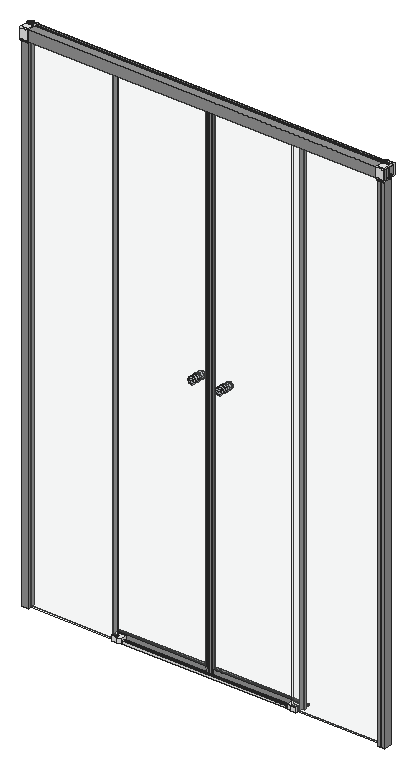
Revit family "Sanitary_Shower-screens_Duscholux_DuschoGravity_Slider-twin-doors-shower", category Plumbing Fixtures, Revit 2016
Family settings
  Part Type = Normal
  Round Connector Dimension = Use Diameter
  OmniClass Number = 23.45.00.00
  OmniClass Title = Sanitary, Laundry, and Cleaning Equipment
  Work Plane-Based = No
  Always vertical = Yes
  Cut with Voids When Loaded = No
  Shared = No
  Room Calculation Point = No
Parameters (values of type "Platinum Aluminium Finish")
  Width = 1400 mm
  Uniclass 2015 Description = "Shower Enclosures"
  Uniclass 2015 Code = "PR-40-20-06-79"
  URL = "http://www.duscholux.es/"
  UNSPSC Code = "30181507"
  Thickness Safety Glass Sliding = 5 mm  # constant formula
  Thickness Safety Glass Fixed Panel = 8 mm  # constant formula
  Technical Inspection Certificate (Applus) = "http://www.duscholux.es/resources/custom/var/APPLUS_en.pdf"
  Sliding Door Width = (Min Max Width / 4) + 5.6 mm  # 355.6 mm
  Series = "DuschoGravity"
  Region South America = "Consult"
  Region Oceania = "Consult"
  Region North America = "Consult"
  Region Middle East = "Consult"
  Region Europe = "AD, ES, FR, PT"
  Region Asia = "Consult"
  Region Antartica = "Consult"
  Region Africa = "Consult"
  Ref. = "KAB"
  Products = "http://www.duscholux.es/mamparas_filtro.aspx?es"
  Product group = "Front for shower"
  Product family = "Duscho Gravity"
  Optional = "Towel rail / Shelf"
  Opening System Image = "http://blob.duscholux.es/pluma512/FD2f2pcorredera.gif"
  Opening System = "Sliding"
  Opening Percentage = 0
  Opening Door = ((Min Max Width / 4) - 110 mm) * Opening Percentage / 100  # 0 mm
  Net Weight (Kg) = 63
  NBS Reference Description = "Shower Enclosures"
  NBS Reference Code = "45-35-70"
  Model = ""
  Min Max Width = if(Width < 1160 mm, 1160 mm, if(Width > 2000 mm, 2000 mm, Width))  # 1400 mm
  Max Height = if(Height > 2000 mm, 2000 mm, Height)  # 2000 mm
  Manufacturer name = "Duscholux Ibérica, S.A."
  Manufacturer country = "Spain / Germany"
  Maintenance and Cleaning = "http://www.duscholux.es/mamparas_limpieza.aspx?en"
  Image = "http://www.duscholux.es/resources/custom/img/mamparas/DUSCHO%20GRAVITY/modelos/2F2PFDC/mampara_h.jpg"
  IFC Classification = "Furnishing Element"
  Height = 2000 mm
  Handle Material = Chrome_Finish
  Handle Height = Max Height / 2  # 1000 mm
  Glass in Building UNE EN 12150 = "CE Conformity marking"
  Glass Material = Glass_Material-Duscholux
  Frame Material = Platinum Aluminium Finish
  Fact sheet = "http://blob.duscholux.es/enpdf2018/Gravity2F2PFD.pdf"
  Manufacturer = "Duscholux Ibérica, S.A."
  Environmental Management ISO 14001 = "ECOEMBES Certificate"
  Edition number = "1"
  Design country = "Germany"
  Description = "2 fixed segments + slider twin doors"
  Date of publishing = ""
  Assembly Code = "C1030200"
  Configuration enclosure = "http://configuratumampara.duscholux.es/eCatalogo.aspx"
  Components = "Eropean components"
  Type Comments = ""
  Combinations = "Lateral 90°"
  Certified Quality UNE EN 14428 = "http://www.duscholux.es/duscholux_downloads.aspx?es"
  COBIe Type Category = ""
  Brand = "Duscholux"
  Anti-Lime Treatment = "FeelNet 3D Included"
  Accesories Material = Chrome_Finish
Types (4, lengths in mm): name | Max Height | Height | Handle Material | Handle Height | Frame Material | Accesories Material
  (no name) | 2000 | 2000 | Chrome_Finish | 1000 | Platinum Aluminium Finish | Chrome_Finish
  Platinum Aluminium Finish | 2000 | 2000 | Chrome_Finish | 1000 | Platinum Aluminium Finish | Chrome_Finish
  White Aluminium Finish | 2000 | 2000 | White Finish | 1000 | White Finish | White Aluminium Finish
  Silver Matt Aluminium Finish | 1600 | 1600 | Chrome_Finish | 800 | Silver Matt Aluminium Finish | Chrome_Finish
Reference planes
  plane 1 "Centro (Frontal/Posterior)": y = 0
  plane 2: z = 0
  plane 3 "Centro (Izquierda/Derecha)": x = 0
  plane 4: y = 4
  plane 5: y = -4
  plane 6: z = 1959.85
  plane 7: z = 2000
  plane 8: x = 350
  plane 9: x = 9
  plane 10: z = 1985
  plane 11: y = 23.487
  plane 12: z = 1000
  plane 13: x = 364
  plane 14: x = 336
  plane 15: x = 700
  plane 16: x = 1400
  plane 17: x = 1050
  plane 18: x = 1064
  plane 19: x = 1036
  plane 20: y = 23.487
  plane 21: x = 708.4
  plane 22: x = 691.6
  plane 23: x = 489
Forms (mm)
  Extrusion 1, solid, material "Platinum Aluminium Finish" <- "Frame Material"
    sketch origin (0, 0, 0) x (1, 0, 0) y (0, 1, 0)
      loop
        line (0, -10.5) -> (26.5, -10.5) -> (26.5, -4.3) -> (15.85, -4.3) -> (15.85, -9) -> (1.5, -9) -> (1.5, 0) -> (1.5, 13.2) -> (15.85, 13.2) -> (15.85, 4.3) -> (26.5, 4.3) -> (26.5, 14.7) -> (0, 14.7) -> (0, -10.5)
    from 0 to 1959.85
  Extrusion 2, solid, material "Platinum Aluminium Finish" <- "Frame Material"
    sketch origin (0, 0, 0) x (0, 1, 0) y (0, 0, 1)
      loop
        arc (33.069, 1997) -> (32.191, 1999.121) -> (30.069, 2000) r 3
        line (30.069, 2000) -> (21.519, 2000) -> (21.519, 1997.261) -> (12.519, 1997.261) -> (12.519, 2000) -> (-16, 2000) -> (-16, 1959.85) -> (-6.5, 1959.85) -> (-6.5, 1994) -> (0, 1994) -> (6.5, 1994) -> (6.5, 1959.85) -> (18.5, 1959.85) -> (18.5, 1963.85) -> (9.5, 1963.85) -> (9.5, 1995.261) -> (23.519, 1995.261) -> (23.519, 1998.011) -> (31.069, 1998.011) -> (31.069, 1961.861) -> (29.669, 1961.861) -> (29.669, 1959.861) -> (33.069, 1959.861) -> (33.069, 1997)
      loop
        line (-13, 1991.05) -> (-13, 1963.879) -> (-9.5, 1963.879) -> (-9.5, 1991.05) -> (-13, 1991.05)
    from 0 to 1400
  Extrusion 3, solid, material "Glass_Material-Duscholux" <- "Glass Material"
    sketch origin (0, 0, 0) x (1, 0, 0) y (0, 1, 0)
      loop
        line (9, 4) -> (9, -4) -> (364, -4) -> (364, 4) -> (9, 4)
    from 2 to 1985
  Extrusion 4, solid, material "Chrome_Finish" <- "Accesories Material"
    sketch origin (-44.392, 49.436, 0) x (1, 0, 0) y (0, 1, 0)
      loop
        line (388.392, -57.436) -> (410.392, -57.436) -> (423.392, -53.436) -> (423.392, -18.436) -> (388.392, -18.436) -> (388.392, -57.436)
    from 0 to 18
  Extrusion 5, void
    sketch origin (0, 0, 0) x (1, 0, 0) y (0, 1, 0)
      loop
        line (344, 4) -> (344, -4) -> (364, -4) -> (364, 4) -> (344, 4)
    from 2 to 18
  Extrusion 6, void
    sketch origin (0, 0, 0) x (1, 0, 0) y (0, 1, 0)
      loop
        line (344, 27.487) -> (344, 19.487) -> (379, 19.487) -> (379, 27.487) -> (344, 27.487)
    from 2 to 18
  Extrusion 7, solid, material "Glass_Material-Duscholux" <- "Glass Material"
    sketch origin (41.512, 0, 0) x (1, 0, 0) y (0, 1, 0)
      loop
        line (650.088, 25.987) -> (294.488, 25.987) -> (294.488, 20.987) -> (650.088, 20.987) -> (650.088, 25.987)
    from 3.238 to 1985
  Extrusion 8, solid, material "Chrome_Finish" <- "Accesories Material"
    sketch origin (0, 0, 0) x (0, 1, 0) y (0, 0, 1)
      loop
        line (12.519, 2005.435) -> (12.519, 2002.011) -> (-15, 2002.011)
        arc (-15, 2002.011) -> (-17.121, 2001.132) -> (-18, 1999.011) r 3
        line (-18, 1999.011) -> (-18, 1960.85)
        arc (-18, 1960.85) -> (-16.86, 1958.466) -> (-14.288, 1957.857) r 3.062
        line (-14.288, 1957.857) -> (-14.288, 1953.858) -> (-10.5, 1953.858) -> (-10.5, 1959.85) -> (-16, 1959.85) -> (-16, 2000) -> (30.069, 2000)
        arc (30.069, 2000) -> (32.191, 1999.121) -> (33.069, 1997) r 3
        line (33.069, 1997) -> (33.069, 1959.85) -> (14.7, 1959.85) -> (14.7, 1953.858) -> (18.488, 1953.858) -> (18.488, 1957.85) -> (32.069, 1957.85)
        arc (32.069, 1957.85) -> (34.191, 1958.729) -> (35.069, 1960.85) r 3
        line (35.069, 1960.85) -> (35.069, 1997.011)
        arc (35.069, 1997.011) -> (33.605, 2000.546) -> (30.069, 2002.011) r 5
        line (30.069, 2002.011) -> (21.49, 2002.011)
        arc (21.49, 2002.011) -> (20.786, 2004.401) -> (18.52, 2005.435) r 3
        line (18.52, 2005.435) -> (12.519, 2005.435)
    from 0 to 28
  Extrusion 9, solid, material "Plástico, transparente", detail levels fine
    sketch origin (0, 0, 0) x (0, 1, 0) y (0, 0, 1)
      loop
        line (19.487, 2) -> (27.487, 2) -> (27.487, 16.402) -> (48.009, 6.392) -> (48.009, 2.694)
        arc (48.009, 2.694) -> (48.748, 2.277) -> (49.487, 2.694) r 0.863
        line (49.487, 2.694) -> (49.487, 8.123) -> (26.761, 19.208)
        arc (26.761, 19.208) -> (26.201, 19.157) -> (25.987, 18.638) r 0.542
        line (25.987, 18.638) -> (26.237, 17.705) -> (26.237, 3.238) -> (20.737, 3.238) -> (20.737, 19.324) -> (19.487, 19.324) -> (19.487, 2)
    from 341 to 691.6
  Extrusion 10, void
    sketch origin (0, 0, 0) x (0, 1, 0) y (0, 0, 1)
      loop
        line (31, 14.688) -> (31, 18) -> (27.487, 18) -> (27.487, 16.402) -> (31, 14.688)
    from 344 to 379
  Extrusion 11, solid, material "Chrome_Finish" <- "Accesories Material"
    sketch origin (0, -88.4, 0) x (0, 1, 0) y (0, 0, 1)
      loop
        line (86, 0) -> (96, 0) -> (96, 7.55)
        arc (96, 7.55) -> (95.282, 9.282) -> (93.55, 10) r 2.45
        line (93.55, 10) -> (91, 10) -> (88.45, 10)
        arc (88.45, 10) -> (86.718, 9.282) -> (86, 7.55) r 2.45
        line (86, 7.55) -> (86, 0)
    from 379 to 1021
  Extrusion 12, solid, material "Plástico, transparente", detail levels fine
    sketch origin (-2.798, 0, 0) x (1, 0, 0) y (0, 1, 0)
      loop
        line (343.798, 26.237) -> (343.798, 27.487) -> (337.498, 27.487) -> (337.498, 19.487) -> (342.798, 19.487) -> (342.798, 5.757) -> (343.798, 5.757) -> (343.798, 20.757) -> (338.798, 20.757) -> (338.798, 26.237) -> (343.798, 26.237)
    from 2 to 1985
  Extrusion 13, solid, not visible
    sketch origin (62.199, -0.034, 0) x (1, 0, 0) y (0, 1, 0)
      loop
        line (752.972, 27.547) -> (749, 27.019)
        arc (749, 27.019) -> (748.57, 26.458) -> (749.132, 26.028) r 0.5
        line (749.132, 26.028) -> (753.6, 26.622) -> (753.6, 23.522) -> (753.6, 20.422) -> (749.132, 21.016)
        arc (749.132, 21.016) -> (748.57, 20.586) -> (749, 20.025) r 0.5
        line (749, 20.025) -> (752.972, 19.497)
        arc (752.972, 19.497) -> (756.439, 17.322) -> (760.531, 17.291) r 7.498
        arc (760.531, 17.291) -> (761.591, 18.007) -> (762, 19.219) r 2
        line (762, 19.219) -> (762, 23.522) -> (762, 27.825)
        arc (762, 27.825) -> (761.591, 29.037) -> (760.531, 29.753) r 2
        arc (760.531, 29.753) -> (756.439, 29.722) -> (752.972, 27.547) r 7.498
    from 0 to 1876.165
  Extrusion 14, solid, material "Platinum Aluminium Finish" <- "Frame Material"
    sketch origin (2800, 0, 0) x (-1, 0, 0) y (0, -1, 0)
      loop
        line (1400, 10.5) -> (1400, -14.7) -> (1426.5, -14.7) -> (1426.5, -4.3) -> (1415.85, -4.3) -> (1415.85, -13.2) -> (1401.5, -13.2) -> (1401.5, 0) -> (1401.5, 9) -> (1415.85, 9) -> (1415.85, 4.3) -> (1426.5, 4.3) -> (1426.5, 10.5) -> (1400, 10.5)
    from 0 to 1953.858
  Extrusion 15, solid, material "Chrome_Finish" <- "Accesories Material"
    sketch origin (2000, 0, 0) x (0, 1, 0) y (0, 0, -1)
      loop
        line (12.519, -2005.435) -> (18.52, -2005.435)
        arc (18.52, -2005.435) -> (20.786, -2004.401) -> (21.49, -2002.011) r 3
        line (21.49, -2002.011) -> (30.069, -2002.011)
        arc (30.069, -2002.011) -> (33.605, -2000.546) -> (35.069, -1997.011) r 5
        line (35.069, -1997.011) -> (35.069, -1960.85)
        arc (35.069, -1960.85) -> (34.191, -1958.729) -> (32.069, -1957.85) r 3
        line (32.069, -1957.85) -> (18.488, -1957.85) -> (18.488, -1953.858) -> (14.7, -1953.858) -> (14.7, -1959.85) -> (33.069, -1959.85) -> (33.069, -1997)
        arc (33.069, -1997) -> (32.191, -1999.121) -> (30.069, -2000) r 3
        line (30.069, -2000) -> (-16, -2000) -> (-16, -1959.85) -> (-10.5, -1959.85) -> (-10.5, -1953.858) -> (-14.288, -1953.858) -> (-14.288, -1957.857)
        arc (-14.288, -1957.857) -> (-16.86, -1958.466) -> (-18, -1960.85) r 3.062
        line (-18, -1960.85) -> (-18, -1999.011)
        arc (-18, -1999.011) -> (-17.121, -2001.132) -> (-15, -2002.011) r 3
        line (-15, -2002.011) -> (12.519, -2002.011) -> (12.519, -2005.435)
    from 600 to 628
  Extrusion 16, solid, material "Glass_Material-Duscholux" <- "Glass Material"
    sketch origin (2800, 0, 0) x (-1, 0, 0) y (0, -1, 0)
      loop
        line (1409, -4) -> (1764, -4) -> (1764, 4) -> (1409, 4) -> (1409, -4)
    from 2 to 1985
  Extrusion 17, solid, material "Chrome_Finish" <- "Accesories Material"
    sketch origin (2844.392, 49.436, 0) x (-1, 0, 0) y (0, -1, 0)
      loop
        line (1788.392, 57.436) -> (1788.392, 18.436) -> (1823.392, 18.436) -> (1823.392, 53.436) -> (1810.392, 57.436) -> (1788.392, 57.436)
    from 0 to 18
  Extrusion 18, void
    sketch origin (2800, 0, 0) x (-1, 0, 0) y (0, -1, 0)
      loop
        line (1744, -4) -> (1764, -4) -> (1764, 4) -> (1744, 4) -> (1744, -4)
    from 2 to 18
  Extrusion 19, void
    sketch origin (2800, 0, 0) x (-1, 0, 0) y (0, -1, 0)
      loop
        line (1744, -27.487) -> (1779, -27.487) -> (1779, -19.487) -> (1744, -19.487) -> (1744, -27.487)
    from 2 to 18
  Extrusion 20, void
    sketch origin (2800, 0, 0) x (0, 1, 0) y (0, 0, -1)
      loop
        line (31, -14.688) -> (27.487, -16.402) -> (27.487, -18) -> (31, -18) -> (31, -14.688)
    from 694 to 1779
  Extrusion 21, solid, material "Plástico, transparente", detail levels fine
    sketch origin (2802.798, 0, 0) x (-1, 0, 0) y (0, -1, 0)
      loop
        line (1743.798, -26.237) -> (1738.798, -26.237) -> (1738.798, -20.757) -> (1743.798, -20.757) -> (1743.798, -5.757) -> (1742.798, -5.757) -> (1742.798, -19.487) -> (1737.498, -19.487) -> (1737.498, -27.487) -> (1743.798, -27.487) -> (1743.798, -26.237)
    from 2 to 1985
  Extrusion 22, solid, material "Glass_Material-Duscholux" <- "Glass Material"
    sketch origin (2717.039, 0, 0) x (-1, 0, 0) y (0, -1, 0)
      loop
        line (2008.639, -25.987) -> (2008.639, -20.987) -> (1653.039, -20.987) -> (1653.039, -25.987) -> (2008.639, -25.987)
    from 3.238 to 1985
  Extrusion 23, solid, material "Plástico, transparente", detail levels fine
    sketch origin (2800, 0, 0) x (0, 1, 0) y (0, 0, -1)
      loop
        line (19.487, -2) -> (19.487, -19.324) -> (20.737, -19.324) -> (20.737, -3.238) -> (26.237, -3.238) -> (26.237, -17.705) -> (25.987, -18.638)
        arc (25.987, -18.638) -> (26.201, -19.157) -> (26.761, -19.208) r 0.542
        line (26.761, -19.208) -> (49.487, -8.123) -> (49.487, -2.694)
        arc (49.487, -2.694) -> (48.748, -2.277) -> (48.009, -2.694) r 0.863
        line (48.009, -2.694) -> (48.009, -6.392) -> (27.487, -16.402) -> (27.487, -2) -> (19.487, -2)
    from 1741 to 2091.6
  Extrusion 24, solid, not visible
    sketch origin (-972.436, 0, 0) x (1, 0, 0) y (0, 1, 0)
      loop
        arc (1881.464, 27.512) -> (1877.997, 29.688) -> (1873.905, 29.719) r 7.498
        arc (1873.905, 29.719) -> (1872.845, 29.002) -> (1872.436, 27.79) r 2
        line (1872.436, 27.79) -> (1872.436, 23.487) -> (1872.436, 19.184)
        arc (1872.436, 19.184) -> (1872.845, 17.972) -> (1873.905, 17.256) r 2
        arc (1873.905, 17.256) -> (1877.997, 17.287) -> (1881.464, 19.462) r 7.498
        line (1881.464, 19.462) -> (1885.436, 19.99)
        arc (1885.436, 19.99) -> (1885.866, 20.552) -> (1885.304, 20.981) r 0.5
        line (1885.304, 20.981) -> (1880.836, 20.388) -> (1880.836, 23.487) -> (1880.836, 26.587) -> (1885.304, 25.993)
        arc (1885.304, 25.993) -> (1885.866, 26.423) -> (1885.436, 26.985) r 0.5
        line (1885.436, 26.985) -> (1881.464, 27.512)
    from 0 to 1985
  Extrusion 25, solid, not visible
    sketch origin (13.1, 0, -200) x (1, 0, 0) y (0, 1, 0)
      loop
        arc (767.428, 27.512) -> (763.961, 29.688) -> (759.869, 29.719) r 7.498
        arc (759.869, 29.719) -> (758.809, 29.002) -> (758.4, 27.79) r 2
        line (758.4, 27.79) -> (758.4, 19.184)
        arc (758.4, 19.184) -> (758.809, 17.972) -> (759.869, 17.256) r 2
        arc (759.869, 17.256) -> (763.961, 17.287) -> (767.428, 19.462) r 7.498
        line (767.428, 19.462) -> (771.4, 19.99)
        arc (771.4, 19.99) -> (771.83, 20.552) -> (771.268, 20.981) r 0.5
        line (771.268, 20.981) -> (766.8, 20.388) -> (766.8, 23.487) -> (766.8, 26.587) -> (771.268, 25.993)
        arc (771.268, 25.993) -> (771.83, 26.423) -> (771.4, 26.985) r 0.5
        line (771.4, 26.985) -> (767.428, 27.512)
    from 0 to 1785
  Extrusion 26, solid, material "Platinum Aluminium Finish" <- "Frame Material", not visible
    sketch origin (1965, 0.035, 0) x (-1, 0, 0) y (0, -1, 0)
      loop
        line (1224.028, -27.478) -> (1228, -26.95)
        arc (1228, -26.95) -> (1228.43, -26.388) -> (1227.868, -25.959) r 0.5
        line (1227.868, -25.959) -> (1223.4, -26.552) -> (1223.4, -23.453) -> (1223.4, -20.353) -> (1227.868, -20.947)
        arc (1227.868, -20.947) -> (1228.43, -20.517) -> (1228, -19.956) r 0.5
        line (1228, -19.956) -> (1224.028, -19.428)
        arc (1224.028, -19.428) -> (1220.561, -17.253) -> (1216.469, -17.222) r 7.498
        arc (1216.469, -17.222) -> (1215.409, -17.938) -> (1215, -19.15) r 2
        line (1215, -19.15) -> (1215, -23.452) -> (1215, -27.756)
        arc (1215, -27.756) -> (1215.409, -28.968) -> (1216.469, -29.684) r 2
        arc (1216.469, -29.684) -> (1220.561, -29.653) -> (1224.028, -27.478) r 7.498
    from 0 to 1985
  Extrusion 27, solid, material "Platinum Aluminium Finish" <- "Frame Material"
    sketch origin (1500, 0, 0) x (0, 1, 0) y (0, 0, -1)
      loop
        line (33.069, -1997) -> (33.069, -1959.861) -> (29.669, -1959.861) -> (29.669, -1961.861) -> (31.069, -1961.861) -> (31.069, -1998.011) -> (23.519, -1998.011) -> (23.519, -1995.261) -> (9.5, -1995.261) -> (9.5, -1963.85) -> (18.5, -1963.85) -> (18.5, -1959.85) -> (6.5, -1959.85) -> (6.5, -1994) -> (0, -1994) -> (-6.5, -1994) -> (-6.5, -1959.85) -> (-16, -1959.85) -> (-16, -2000) -> (12.519, -2000) -> (12.519, -1997.261) -> (21.519, -1997.261) -> (21.519, -2000) -> (30.069, -2000)
        arc (30.069, -2000) -> (32.191, -1999.121) -> (33.069, -1997) r 3
      loop
        line (-13, -1991.05) -> (-9.5, -1991.05) -> (-9.5, -1963.879) -> (-13, -1963.879) -> (-13, -1991.05)
    from 100 to 1500
  Extrusion 28, solid, not visible
    sketch origin (-21.455, 62.453, 0) x (1, 0, 0) y (0, 1, 0)
      loop
        arc (780.483, -34.94) -> (777.016, -32.765) -> (772.924, -32.734) r 7.498
        arc (772.924, -32.734) -> (771.864, -33.45) -> (771.455, -34.662) r 2
        line (771.455, -34.662) -> (771.455, -38.966) -> (771.455, -43.268)
        arc (771.455, -43.268) -> (771.864, -44.48) -> (772.924, -45.197) r 2
        arc (772.924, -45.197) -> (777.016, -45.166) -> (780.483, -42.99) r 7.498
        line (780.483, -42.99) -> (784.455, -42.463)
        arc (784.455, -42.463) -> (784.885, -41.901) -> (784.323, -41.471) r 0.5
        line (784.323, -41.471) -> (779.855, -42.065) -> (779.855, -38.965) -> (779.855, -35.866) -> (784.323, -36.459)
        arc (784.323, -36.459) -> (784.885, -36.03) -> (784.455, -35.468) r 0.5
        line (784.455, -35.468) -> (780.483, -34.94)
    from 0 to 1785
  Extrusion 29, solid, not visible
    sketch origin (-58.088, 62.453, 0) x (1, 0, 0) y (0, 1, 0)
      loop
        line (749.177, -34.94) -> (745.205, -35.468)
        arc (745.205, -35.468) -> (744.775, -36.03) -> (745.337, -36.459) r 0.5
        line (745.337, -36.459) -> (749.805, -35.866) -> (749.805, -38.965) -> (749.805, -42.065) -> (745.337, -41.471)
        arc (745.337, -41.471) -> (744.775, -41.901) -> (745.205, -42.463) r 0.5
        line (745.205, -42.463) -> (749.177, -42.99)
        arc (749.177, -42.99) -> (752.644, -45.166) -> (756.736, -45.197) r 7.498
        arc (756.736, -45.197) -> (757.796, -44.48) -> (758.205, -43.268) r 2
        line (758.205, -43.268) -> (758.205, -38.966) -> (758.205, -34.662)
        arc (758.205, -34.662) -> (757.796, -33.45) -> (756.736, -32.734) r 2
        arc (756.736, -32.734) -> (752.644, -32.765) -> (749.177, -34.94) r 7.498
    from 0 to 1785
  Extrusion 30, solid, material "Platinum Aluminium Finish" <- "Frame Material"
    sketch origin (1548.077, 62.453, 0) x (-1, 0, 0) y (0, -1, 0)
      loop
        arc (839.049, 34.94) -> (842.515, 32.765) -> (846.608, 32.734) r 7.498
        arc (846.608, 32.734) -> (847.668, 33.45) -> (848.077, 34.662) r 2
        line (848.077, 34.662) -> (848.077, 38.966) -> (848.077, 43.268)
        arc (848.077, 43.268) -> (847.668, 44.48) -> (846.608, 45.197) r 2
        arc (846.608, 45.197) -> (842.515, 45.166) -> (839.049, 42.99) r 7.498
        line (839.049, 42.99) -> (835.077, 42.463)
        arc (835.077, 42.463) -> (834.647, 41.901) -> (835.208, 41.471) r 0.5
        line (835.208, 41.471) -> (839.677, 42.065) -> (839.677, 38.965) -> (839.677, 35.866) -> (835.208, 36.459)
        arc (835.208, 36.459) -> (834.647, 36.03) -> (835.077, 35.468) r 0.5
        line (835.077, 35.468) -> (839.049, 34.94)
    from 3.238 to 1985
  Extrusion 31, solid, not visible
    sketch origin (1538.336, 62.453, 0) x (-1, 0, 0) y (0, -1, 0)
      loop
        arc (764.308, 34.94) -> (767.775, 32.765) -> (771.867, 32.734) r 7.498
        arc (771.867, 32.734) -> (772.927, 33.45) -> (773.336, 34.662) r 2
        line (773.336, 34.662) -> (773.336, 38.966) -> (773.336, 43.268)
        arc (773.336, 43.268) -> (772.927, 44.48) -> (771.867, 45.197) r 2
        arc (771.867, 45.197) -> (767.775, 45.166) -> (764.308, 42.99) r 7.498
        line (764.308, 42.99) -> (760.336, 42.463)
        arc (760.336, 42.463) -> (759.906, 41.901) -> (760.468, 41.471) r 0.5
        line (760.468, 41.471) -> (764.936, 42.065) -> (764.936, 38.965) -> (764.936, 35.866) -> (760.468, 36.459)
        arc (760.468, 36.459) -> (759.906, 36.03) -> (760.336, 35.468) r 0.5
        line (760.336, 35.468) -> (764.308, 34.94)
    from 3.238 to 1785
  Extrusion 32, solid, material "Platinum Aluminium Finish" <- "Frame Material"
    sketch origin (-28.077, 62.453, 0) x (1, 0, 0) y (0, 1, 0)
      loop
        line (719.049, -34.94) -> (715.077, -35.468)
        arc (715.077, -35.468) -> (714.647, -36.03) -> (715.208, -36.459) r 0.5
        line (715.208, -36.459) -> (719.677, -35.866) -> (719.677, -38.965) -> (719.677, -42.065) -> (715.208, -41.471)
        arc (715.208, -41.471) -> (714.647, -41.901) -> (715.077, -42.463) r 0.5
        line (715.077, -42.463) -> (719.049, -42.99)
        arc (719.049, -42.99) -> (722.515, -45.166) -> (726.608, -45.197) r 7.498
        arc (726.608, -45.197) -> (727.668, -44.48) -> (728.077, -43.268) r 2
        line (728.077, -43.268) -> (728.077, -38.966) -> (728.077, -34.662)
        arc (728.077, -34.662) -> (727.668, -33.45) -> (726.608, -32.734) r 2
        arc (726.608, -32.734) -> (722.515, -32.765) -> (719.049, -34.94) r 7.498
    from 3.238 to 1985
  Extrusion 33, solid, not visible
    sketch origin (-28.077, 62.453, 0) x (1, 0, 0) y (0, 1, 0)
      loop
        line (732.049, -34.94) -> (728.077, -35.468)
        arc (728.077, -35.468) -> (727.647, -36.03) -> (728.208, -36.459) r 0.5
        line (728.208, -36.459) -> (732.677, -35.866) -> (732.677, -38.965) -> (732.677, -42.065) -> (728.208, -41.471)
        arc (728.208, -41.471) -> (727.647, -41.901) -> (728.077, -42.463) r 0.5
        line (728.077, -42.463) -> (732.049, -42.99)
        arc (732.049, -42.99) -> (735.515, -45.166) -> (739.608, -45.197) r 7.498
        arc (739.608, -45.197) -> (740.668, -44.48) -> (741.077, -43.268) r 2
        line (741.077, -43.268) -> (741.077, -38.966) -> (741.077, -34.662)
        arc (741.077, -34.662) -> (740.668, -33.45) -> (739.608, -32.734) r 2
        arc (739.608, -32.734) -> (735.515, -32.765) -> (732.049, -34.94) r 7.498
    from 3.238 to 1785
Cuts and joins
  Extrusion 5, Extrusion 18 cuts Extrusion 3
  Extrusion 5, Extrusion 6, Extrusion 10, Extrusion 18, Extrusion 19, Extrusion 20 cuts Extrusion 4
  Extrusion 18, Extrusion 19, Extrusion 20 cuts Extrusion 17
  Extrusion 19 cuts Extrusion 7
  Extrusion 19 cuts Extrusion 9
Dimensions and locks
  equal spacing: plane 4, plane 1 "Centro (Frontal/Posterior)", plane 5
  "Thickness Safety Glass Fixed Panel": plane 4 to plane 5
  locked: plane 7 to plane 6 at 40.15
  locked: plane 7 to plane 10 at 15
  locked: Extrusion 8 to plane 3 "Centro (Izquierda/Derecha)" at 28
  "Handle Height": plane 12 to level
  locked: plane 8 to plane 13 at 14
  locked: plane 8 to cut or joined group of Extrusion 4, Extrusion 5, Extrusion 6, Extrusion 10, Extrusion 18, Extrusion 19, Extrusion 20 at 29
  locked: cut or joined group of Extrusion 4, Extrusion 5, Extrusion 6, Extrusion 10, Extrusion 18, Extrusion 19, Extrusion 20 to plane 8 at 6
  locked: Extrusion 7 to Extrusion 9 at 5
  locked: Extrusion 12 to Extrusion 12 at 1.3
  locked: Extrusion 12 to Extrusion 12 at 1
  locked: Extrusion 12 to Extrusion 12 at 6.3
  equal spacing: plane 3 "Centro (Izquierda/Derecha)", plane 8, plane 15, plane 17, plane 16
  locked: Extrusion 21 to Extrusion 21 at 1.3
  locked: Extrusion 21 to Extrusion 21 at 1
  locked: Extrusion 21 to Extrusion 21 at 6.3
  locked: cut or joined group of Extrusion 17, Extrusion 18, Extrusion 19, Extrusion 20 to plane 17 at 29
  locked: plane 17 to cut or joined group of Extrusion 17, Extrusion 18, Extrusion 19, Extrusion 20 at 6
  locked: plane 14 to plane 8 at 14
  locked: plane 17 to plane 18 at 14
  locked: plane 19 to plane 17 at 14
  "Sliding Door Width": Extrusion 22 to Extrusion 22
  "Sliding Door Width": cut or joined group of Extrusion 7, Extrusion 19 to cut or joined group of Extrusion 7, Extrusion 19
  locked: Extrusion 15 to Extrusion 15 at 28
  locked: Extrusion 15 to plane 16 at 28
  locked: plane 15 to plane 21 at 8.4
  locked: plane 22 to plane 15 at 8.4
  "Opening Door": cut or joined group of Extrusion 7, Extrusion 19 to plane 22
  locked: nested 2 to cut or joined group of Extrusion 7, Extrusion 19 at 45
  locked: Extrusion 22 to nested 4 at 45
  "Opening Door": plane 21 to Extrusion 22
  "Thickness Safety Glass Sliding": Extrusion 22 to Extrusion 22
  "Thickness Safety Glass Sliding": cut or joined group of Extrusion 7, Extrusion 19 to cut or joined group of Extrusion 7, Extrusion 19
  "Max Height": plane 7 to plane 2
  "Min Max Width": plane 3 "Centro (Izquierda/Derecha)" to plane 16
  aligned and locked: level to plane 2
  aligned and locked: plane 7 to Extrusion 2
  aligned and locked: Extrusion 2 to plane 6
  aligned and locked: Extrusion 1 to Extrusion 2
  aligned and locked: Extrusion 3 sketch curve to plane 4
  aligned and locked: plane 9 to Extrusion 3 sketch curve
  aligned and locked: plane 5 to Extrusion 3 sketch curve
  aligned and locked: plane 10 to Extrusion 3
  aligned and locked: Extrusion 5 sketch curve to Extrusion 4
  aligned and locked: Extrusion 5 sketch curve to Extrusion 3
  aligned and locked: cut or joined group of Extrusion 4, Extrusion 5, Extrusion 6, Extrusion 10, Extrusion 18, Extrusion 19, Extrusion 20 to Extrusion 5
  aligned and locked: Extrusion 6 sketch curve to cut or joined group of Extrusion 4, Extrusion 5, Extrusion 6, Extrusion 10, Extrusion 18, Extrusion 19, Extrusion 20  (x2)
  aligned and locked: Extrusion 6 to cut or joined group of Extrusion 3, Extrusion 5, Extrusion 18
  aligned and locked: Extrusion 10 to cut or joined group of Extrusion 4, Extrusion 5, Extrusion 6, Extrusion 10, Extrusion 18, Extrusion 19, Extrusion 20
  aligned and locked: cut or joined group of Extrusion 4, Extrusion 5, Extrusion 6, Extrusion 10, Extrusion 18, Extrusion 19, Extrusion 20 to Extrusion 10
  aligned and locked: Extrusion 11 to cut or joined group of Extrusion 4, Extrusion 5, Extrusion 6, Extrusion 10, Extrusion 18, Extrusion 19, Extrusion 20
  aligned and locked: nested 1 to plane 12
  aligned and locked: plane 12 to nested 2
  aligned and locked: plane 13 to cut or joined group of Extrusion 3, Extrusion 5, Extrusion 18
  aligned and locked: Extrusion 9 to Extrusion 12
  aligned and locked: nested 1 to nested 2
  aligned and locked: Extrusion 9 to Extrusion 7
  aligned and locked: Extrusion 12 to Extrusion 12
  aligned and locked: Extrusion 12 to Extrusion 7  (x2)
  aligned and locked: plane 10 to Extrusion 7
  aligned and locked: Extrusion 17 to Extrusion 18 sketch curve
  aligned and locked: Extrusion 21 to Extrusion 21
  aligned and locked: nested 3 to nested 4
  aligned and locked: Extrusion 11 to cut or joined group of Extrusion 17, Extrusion 18, Extrusion 19, Extrusion 20
  aligned and locked: Extrusion 2 to plane 16
  aligned and locked: Extrusion 23 to Extrusion 22
  aligned and locked: Extrusion 21 to Extrusion 22  (x2)
  aligned and locked: Extrusion 23 to Extrusion 21
  aligned and locked: Extrusion 15 to plane 16
  aligned and locked: plane 10 to Extrusion 16
  aligned and locked: Extrusion 14 to Extrusion 15
  aligned and locked: plane 10 to Extrusion 22
  aligned and locked: Extrusion 20 to cut or joined group of Extrusion 17, Extrusion 18, Extrusion 19, Extrusion 20
  aligned and locked: plane 12 to nested 3
  aligned and locked: nested 4 to plane 12
  aligned and locked: Extrusion 30 to Extrusion 22  (x2)
  aligned and locked: Extrusion 30 to Extrusion 23
  aligned and locked: Extrusion 32 to cut or joined group of Extrusion 7, Extrusion 19
  aligned and locked: cut or joined group of Extrusion 7, Extrusion 19 to Extrusion 32
  aligned and locked: Extrusion 27 to plane 16
Automatic sketch dimensions
  Extrusion 13 sketch curve to Extrusion 13 sketch curve = 0 mm  (x2)
  Extrusion 13 sketch curve to Extrusion 13 sketch curve = 0.066 mm  (x4)
  Extrusion 13 sketch curve to Extrusion 13 sketch curve = 3.972 mm  (x2)
  Extrusion 13 sketch curve to Extrusion 13 sketch curve = 0.628 mm
  Extrusion 13 sketch curve to Extrusion 13 sketch curve = 4.94 mm
  Extrusion 13 sketch curve to Extrusion 13 sketch curve = 1.46 mm  (x2)
  Extrusion 13 sketch curve to Extrusion 13 sketch curve = 3.46 mm
  Extrusion 13 sketch curve to Extrusion 13 sketch curve = 0.496 mm  (x2)
  Extrusion 13 sketch curve to Extrusion 13 sketch curve = 0.925 mm  (x2)
  Extrusion 13 sketch curve to Extrusion 13 sketch curve = 3.305 mm  (x2)
  Extrusion 13 sketch curve to Extrusion 13 sketch curve = 3.1 mm  (x2)
  Extrusion 13 sketch curve to Extrusion 13 sketch curve = 3.027 mm
  Extrusion 13 sketch curve to Extrusion 13 sketch curve = 0.528 mm
  Extrusion 13 sketch curve to Extrusion 13 sketch curve = 0.997 mm
  Extrusion 13 sketch curve to Extrusion 13 sketch curve = 1.995 mm
  Extrusion 13 sketch curve to Extrusion 13 sketch curve = 1.519 mm
  Extrusion 24 sketch curve to Extrusion 24 sketch curve = 0 mm
  Extrusion 24 sketch curve to Extrusion 24 sketch curve = 4.94 mm
  Extrusion 24 sketch curve to Extrusion 24 sketch curve = 0.628 mm  (x2)
  Extrusion 24 sketch curve to Extrusion 24 sketch curve = 3.841 mm  (x2)
  Extrusion 24 sketch curve to Extrusion 24 sketch curve = 0.066 mm  (x4)
  Extrusion 24 sketch curve to Extrusion 24 sketch curve = 3.305 mm
  Extrusion 24 sketch curve to Extrusion 24 sketch curve = 0.925 mm  (x2)
  Extrusion 24 sketch curve to Extrusion 24 sketch curve = 2 mm  (x2)
  Extrusion 24 sketch curve to Extrusion 24 sketch curve = 3.46 mm
  Extrusion 24 sketch curve to Extrusion 24 sketch curve = 3.027 mm
  Extrusion 24 sketch curve to Extrusion 24 sketch curve = 0.528 mm
  Extrusion 24 sketch curve to Extrusion 24 sketch curve = 0.496 mm  (x2)
  Extrusion 24 sketch curve to Extrusion 24 sketch curve = 0.997 mm
  Extrusion 24 sketch curve to Extrusion 24 sketch curve = 3.1 mm  (x2)
  Extrusion 24 sketch curve to Extrusion 24 sketch curve = 1.995 mm
  Extrusion 24 sketch curve to Extrusion 24 sketch curve = 5.012 mm
  Extrusion 24 sketch curve to Extrusion 24 sketch curve = 4.303 mm
  Extrusion 25 sketch curve to Extrusion 25 sketch curve = 2 mm  (x2)
  Extrusion 25 sketch curve to Extrusion 25 sketch curve = 0 mm
  Extrusion 25 sketch curve to Extrusion 25 sketch curve = 4.94 mm
  Extrusion 25 sketch curve to Extrusion 25 sketch curve = 0.628 mm  (x2)
  Extrusion 25 sketch curve to Extrusion 25 sketch curve = 3.841 mm  (x2)
  Extrusion 25 sketch curve to Extrusion 25 sketch curve = 0.066 mm  (x4)
  Extrusion 25 sketch curve to Extrusion 25 sketch curve = 3.305 mm  (x2)
  Extrusion 25 sketch curve to Extrusion 25 sketch curve = 0.925 mm  (x2)
  Extrusion 25 sketch curve to Extrusion 25 sketch curve = 1.46 mm
  Extrusion 25 sketch curve to Extrusion 25 sketch curve = 3.027 mm
  Extrusion 25 sketch curve to Extrusion 25 sketch curve = 0.528 mm
  Extrusion 25 sketch curve to Extrusion 25 sketch curve = 0.496 mm  (x2)
  Extrusion 25 sketch curve to Extrusion 25 sketch curve = 3.1 mm  (x2)
  Extrusion 25 sketch curve to Extrusion 25 sketch curve = 1.995 mm
  Extrusion 25 sketch curve to Extrusion 25 sketch curve = 5.012 mm
  Extrusion 26 sketch curve to Extrusion 26 sketch curve = 0 mm  (x2)
  Extrusion 26 sketch curve to Extrusion 26 sketch curve = 0.066 mm  (x4)
  Extrusion 26 sketch curve to Extrusion 26 sketch curve = 3.972 mm  (x2)
  Extrusion 26 sketch curve to Extrusion 26 sketch curve = 0.628 mm
  Extrusion 26 sketch curve to Extrusion 26 sketch curve = 0.278 mm
  Extrusion 26 sketch curve to Extrusion 26 sketch curve = 0.528 mm
  Extrusion 26 sketch curve to Extrusion 26 sketch curve = 0.925 mm  (x2)
  Extrusion 26 sketch curve to Extrusion 26 sketch curve = 0.496 mm  (x2)
  Extrusion 26 sketch curve to Extrusion 26 sketch curve = 3.305 mm  (x2)
  Extrusion 26 sketch curve to Extrusion 26 sketch curve = 0.997 mm
  Extrusion 26 sketch curve to Extrusion 26 sketch curve = 3.1 mm  (x2)
  Extrusion 26 sketch curve to Extrusion 26 sketch curve = 1.995 mm
  Extrusion 26 sketch curve to Extrusion 26 sketch curve = 5.012 mm
  Extrusion 26 sketch curve to Extrusion 26 sketch curve = 4.94 mm
  Extrusion 26 sketch curve to Extrusion 26 sketch curve = 1.46 mm  (x2)
  Extrusion 26 sketch curve to Extrusion 26 sketch curve = 3.46 mm
  Extrusion 28 sketch curve to Extrusion 28 sketch curve = 2 mm  (x2)
  Extrusion 28 sketch curve to Extrusion 28 sketch curve = 3.46 mm
  Extrusion 28 sketch curve to Extrusion 28 sketch curve = 0 mm  (x3)
  Extrusion 28 sketch curve to Extrusion 28 sketch curve = 3.305 mm  (x2)
  Extrusion 28 sketch curve to Extrusion 28 sketch curve = 0.997 mm
  Extrusion 28 sketch curve to Extrusion 28 sketch curve = 1.995 mm
  Extrusion 28 sketch curve to Extrusion 28 sketch curve = 5.567 mm  (x2)
  Extrusion 28 sketch curve to Extrusion 28 sketch curve = 0.628 mm
  Extrusion 28 sketch curve to Extrusion 28 sketch curve = 4.025 mm
  Extrusion 28 sketch curve to Extrusion 28 sketch curve = 0.925 mm  (x2)
  Extrusion 28 sketch curve to Extrusion 28 sketch curve = 3.841 mm  (x2)
  Extrusion 28 sketch curve to Extrusion 28 sketch curve = 1.519 mm
  Extrusion 28 sketch curve to Extrusion 28 sketch curve = 0.132 mm
  Extrusion 28 sketch curve to Extrusion 28 sketch curve = 0.991 mm
  Extrusion 28 sketch curve to Extrusion 28 sketch curve = 0.066 mm  (x3)
  Extrusion 28 sketch curve to Extrusion 28 sketch curve = 1.023 mm
  Extrusion 28 sketch curve to Extrusion 28 sketch curve = 0.496 mm
  Extrusion 29 sketch curve to Extrusion 29 sketch curve = 2 mm  (x2)
  Extrusion 29 sketch curve to Extrusion 29 sketch curve = 3.46 mm
  Extrusion 29 sketch curve to Extrusion 29 sketch curve = 0 mm  (x3)
  Extrusion 29 sketch curve to Extrusion 29 sketch curve = 3.305 mm  (x2)
  Extrusion 29 sketch curve to Extrusion 29 sketch curve = 0.997 mm
  Extrusion 29 sketch curve to Extrusion 29 sketch curve = 1.995 mm
  Extrusion 29 sketch curve to Extrusion 29 sketch curve = 5.567 mm  (x2)
  Extrusion 29 sketch curve to Extrusion 29 sketch curve = 0.628 mm
  Extrusion 29 sketch curve to Extrusion 29 sketch curve = 4.025 mm
  Extrusion 29 sketch curve to Extrusion 29 sketch curve = 0.925 mm  (x2)
  Extrusion 29 sketch curve to Extrusion 29 sketch curve = 3.841 mm  (x2)
  Extrusion 29 sketch curve to Extrusion 29 sketch curve = 1.519 mm
  Extrusion 29 sketch curve to Extrusion 29 sketch curve = 0.132 mm
  Extrusion 29 sketch curve to Extrusion 29 sketch curve = 0.991 mm
  Extrusion 29 sketch curve to Extrusion 29 sketch curve = 0.066 mm  (x3)
  Extrusion 29 sketch curve to Extrusion 29 sketch curve = 1.023 mm
  Extrusion 29 sketch curve to Extrusion 29 sketch curve = 0.496 mm
  Extrusion 31 sketch curve to Extrusion 31 sketch curve = 3.841 mm  (x2)
  Extrusion 31 sketch curve to Extrusion 31 sketch curve = 0.066 mm  (x4)
  Extrusion 31 sketch curve to Extrusion 31 sketch curve = 0 mm
  Extrusion 31 sketch curve to Extrusion 31 sketch curve = 2 mm  (x2)
  Extrusion 31 sketch curve to Extrusion 31 sketch curve = 0.496 mm  (x2)
  Extrusion 31 sketch curve to Extrusion 31 sketch curve = 0.925 mm  (x2)
  Extrusion 31 sketch curve to Extrusion 31 sketch curve = 3.305 mm
  Extrusion 31 sketch curve to Extrusion 31 sketch curve = 3.1 mm  (x2)
  Extrusion 31 sketch curve to Extrusion 31 sketch curve = 0.132 mm
  Extrusion 31 sketch curve to Extrusion 31 sketch curve = 0.628 mm
  Extrusion 31 sketch curve to Extrusion 31 sketch curve = 4.94 mm
  Extrusion 31 sketch curve to Extrusion 31 sketch curve = 1.46 mm
  Extrusion 31 sketch curve to Extrusion 31 sketch curve = 3.027 mm
  Extrusion 31 sketch curve to Extrusion 31 sketch curve = 0.528 mm
  Extrusion 31 sketch curve to Extrusion 31 sketch curve = 0.997 mm
  Extrusion 31 sketch curve to Extrusion 31 sketch curve = 1.995 mm
  Extrusion 31 sketch curve to Extrusion 31 sketch curve = 1.519 mm
  Extrusion 31 sketch curve to Extrusion 31 sketch curve = 4.303 mm
  Extrusion 1 sketch curve to plane 3 "Centro (Izquierda/Derecha)" = 0 mm
  plane 1 "Centro (Frontal/Posterior)" to Extrusion 1 sketch curve = 0 mm
  Extrusion 1 sketch curve to plane 3 "Centro (Izquierda/Derecha)" = 1.5 mm
  Extrusion 1 sketch curve to plane 9 = 6.85 mm  (x2)
  Extrusion 1 sketch curve to Extrusion 1 sketch curve = 10.65 mm
  plane 5 to Extrusion 1 sketch curve = 0.3 mm
  Extrusion 1 sketch curve to Extrusion 1 sketch curve = 0 mm
  Extrusion 1 sketch curve to plane 4 = 0.3 mm
  Extrusion 1 sketch curve to Extrusion 1 sketch curve = 8.9 mm
  Extrusion 1 sketch curve to Extrusion 1 sketch curve = 1.5 mm  (x2)
  plane 5 to Extrusion 1 sketch curve = 5 mm
  Extrusion 2 sketch curve to plane 6 = 0 mm  (x2)
  Extrusion 2 sketch curve to plane 7 = 0 mm  (x2)
  Extrusion 2 sketch curve to plane 1 "Centro (Frontal/Posterior)" = 0 mm
  Extrusion 2 sketch curve to plane 5 = 2.5 mm
  Extrusion 2 sketch curve to Extrusion 2 sketch curve = 3 mm  (x3)
  Extrusion 2 sketch curve to Extrusion 2 sketch curve = 3.5 mm
  plane 4 to Extrusion 2 sketch curve = 2.5 mm
  Extrusion 2 sketch curve to Extrusion 2 sketch curve = 3.019 mm
  plane 11 to Extrusion 2 sketch curve = 4.987 mm
  plane 11 to Extrusion 2 sketch curve = 1.968 mm
  Extrusion 2 sketch curve to plane 11 = 0.032 mm
  plane 6 to Extrusion 2 sketch curve = 0.011 mm
  Extrusion 2 sketch curve to plane 11 = 6.182 mm
  Extrusion 2 sketch curve to plane 11 = 6.582 mm
  Extrusion 2 sketch curve to Extrusion 2 sketch curve = 1.4 mm
  Extrusion 2 sketch curve to Extrusion 2 sketch curve = 2 mm  (x2)
  plane 6 to Extrusion 2 sketch curve = 4 mm
  plane 6 to Extrusion 2 sketch curve = 4.029 mm
  plane 10 to Extrusion 2 sketch curve = 6.05 mm
  Extrusion 2 sketch curve to plane 7 = 6 mm
  Extrusion 2 sketch curve to plane 7 = 4.739 mm
  Extrusion 2 sketch curve to Extrusion 2 sketch curve = 2.739 mm
  Extrusion 2 sketch curve to plane 7 = 1.989 mm
  Extrusion 3 sketch curve to plane 13 = 0 mm
  Extrusion 4 sketch curve to plane 5 = 0 mm
  Extrusion 4 sketch curve to plane 8 = 6 mm
  plane 13 to Extrusion 4 sketch curve = 2 mm
  plane 13 to Extrusion 4 sketch curve = 15 mm
  Extrusion 4 sketch curve to plane 5 = 4 mm
  Extrusion 4 sketch curve to plane 11 = 7.513 mm
  Extrusion 5 sketch curve to plane 5 = 0 mm
  Extrusion 5 sketch curve to plane 4 = 0 mm
  plane 11 to Extrusion 6 sketch curve = 4 mm
  Extrusion 6 sketch curve to plane 11 = 4 mm
  Extrusion 7 sketch curve to plane 11 = 2.5 mm
  Extrusion 7 sketch curve to plane 14 = 0 mm
  plane 11 to Extrusion 7 sketch curve = 2.5 mm
  Extrusion 7 sketch curve to plane 22 = 0 mm
  Extrusion 8 sketch curve to plane 6 = 0 mm  (x2)
  Extrusion 8 sketch curve to plane 7 = 0 mm
  Extrusion 8 sketch curve to plane 7 = 0.989 mm
  Extrusion 8 sketch curve to plane 5 = 14 mm
  Extrusion 8 sketch curve to Extrusion 8 sketch curve = 2 mm
  plane 7 to Extrusion 8 sketch curve = 2.011 mm  (x2)
  Extrusion 8 sketch curve to Extrusion 8 sketch curve = 1.062 mm
  Extrusion 8 sketch curve to Extrusion 8 sketch curve = 1.712 mm
  Extrusion 8 sketch curve to Extrusion 8 sketch curve = 3.788 mm  (x2)
  plane 4 to Extrusion 8 sketch curve = 8.519 mm
  plane 11 to Extrusion 8 sketch curve = 8.787 mm
  plane 11 to Extrusion 8 sketch curve = 4.967 mm
  plane 11 to Extrusion 8 sketch curve = 1.998 mm
  Extrusion 8 sketch curve to plane 11 = 6.582 mm
  Extrusion 8 sketch curve to Extrusion 8 sketch curve = 0 mm
  Extrusion 8 sketch curve to plane 6 = 2 mm
  Extrusion 8 sketch curve to plane 11 = 8.582 mm
  Extrusion 8 sketch curve to Extrusion 8 sketch curve = 1 mm
  plane 6 to Extrusion 8 sketch curve = 1 mm
  Extrusion 8 sketch curve to plane 6 = 5.992 mm
  Extrusion 8 sketch curve to Extrusion 8 sketch curve = 3.992 mm
  Extrusion 8 sketch curve to plane 6 = 1.993 mm
  plane 7 to Extrusion 8 sketch curve = 2.435 mm
  level to Extrusion 9 sketch curve = 2 mm
  plane 11 to Extrusion 9 sketch curve = 4 mm
  Extrusion 9 sketch curve to Extrusion 9 sketch curve = 1.25 mm  (x2)
  Extrusion 9 sketch curve to plane 11 = 2.5 mm
  Extrusion 9 sketch curve to Extrusion 9 sketch curve = 0.25 mm
  Extrusion 9 sketch curve to Extrusion 9 sketch curve = 0.536 mm
  Extrusion 9 sketch curve to Extrusion 9 sketch curve = 0.238 mm
  level to Extrusion 9 sketch curve = 6.392 mm
  Extrusion 9 sketch curve to Extrusion 9 sketch curve = 20.522 mm
  Extrusion 9 sketch curve to Extrusion 9 sketch curve = 0.739 mm
  Extrusion 9 sketch curve to Extrusion 9 sketch curve = 1.478 mm
  level to Extrusion 9 sketch curve = 2.694 mm
  Extrusion 9 sketch curve to Extrusion 9 sketch curve = 0.446 mm
  Extrusion 9 sketch curve to Extrusion 9 sketch curve = 1.238 mm
  Extrusion 9 sketch curve to Extrusion 9 sketch curve = 1.731 mm
  Extrusion 9 sketch curve to Extrusion 9 sketch curve = 13.163 mm
  Extrusion 9 sketch curve to Extrusion 9 sketch curve = 1.303 mm
  Extrusion 9 sketch curve to Extrusion 9 sketch curve = 0.933 mm
  Extrusion 9 sketch curve to Extrusion 9 sketch curve = 0.083 mm
  Extrusion 9 sketch curve to Extrusion 9 sketch curve = 0.686 mm
  Extrusion 10 sketch curve to plane 11 = 4 mm
  Extrusion 10 sketch curve to Extrusion 10 sketch curve = 3.513 mm
  level to Extrusion 10 sketch curve = 14.688 mm
  Extrusion 10 sketch curve to Extrusion 10 sketch curve = 1.713 mm
  Extrusion 10 sketch curve to Extrusion 10 sketch curve = 1.598 mm
  Extrusion 11 sketch curve to level = 0 mm
  plane 5 to Extrusion 11 sketch curve = 1.6 mm
  Extrusion 11 sketch curve to plane 1 "Centro (Frontal/Posterior)" = 0.05 mm
  Extrusion 11 sketch curve to plane 4 = 1.4 mm
  plane 4 to Extrusion 11 sketch curve = 1.15 mm
  plane 4 to Extrusion 11 sketch curve = 3.6 mm
  Extrusion 11 sketch curve to Extrusion 11 sketch curve = 7.55 mm
  plane 11 to Extrusion 12 sketch curve = 4 mm
  Extrusion 12 sketch curve to plane 14 = 1.3 mm
  Extrusion 12 sketch curve to Extrusion 12 sketch curve = 1.3 mm
  plane 4 to Extrusion 12 sketch curve = 1.757 mm
  Extrusion 12 sketch curve to Extrusion 12 sketch curve = 5.3 mm
  Extrusion 12 sketch curve to Extrusion 12 sketch curve = 5 mm
  Extrusion 12 sketch curve to Extrusion 12 sketch curve = 1 mm
  Extrusion 12 sketch curve to Extrusion 12 sketch curve = 1.27 mm
  Extrusion 12 sketch curve to plane 11 = 2.75 mm
  Extrusion 12 sketch curve to Extrusion 12 sketch curve = 1.25 mm
  Extrusion 14 sketch curve to plane 16 = 0 mm
  plane 1 "Centro (Frontal/Posterior)" to Extrusion 14 sketch curve = 0 mm
  plane 16 to Extrusion 14 sketch curve = 1.5 mm
  Extrusion 14 sketch curve to plane 5 = 5 mm
  Extrusion 14 sketch curve to Extrusion 14 sketch curve = 14.35 mm  (x2)
  Extrusion 14 sketch curve to Extrusion 14 sketch curve = 10.65 mm
  Extrusion 14 sketch curve to plane 5 = 0.3 mm
  Extrusion 14 sketch curve to Extrusion 14 sketch curve = 0 mm
  plane 4 to Extrusion 14 sketch curve = 0.3 mm
  Extrusion 14 sketch curve to Extrusion 14 sketch curve = 8.9 mm
  Extrusion 14 sketch curve to Extrusion 14 sketch curve = 1.5 mm  (x2)
  Extrusion 15 sketch curve to plane 6 = 0 mm  (x2)
  Extrusion 15 sketch curve to plane 7 = 0 mm
  Extrusion 15 sketch curve to plane 7 = 0.989 mm
  Extrusion 15 sketch curve to plane 5 = 14 mm
  Extrusion 15 sketch curve to Extrusion 15 sketch curve = 2 mm
  plane 7 to Extrusion 15 sketch curve = 2.011 mm  (x2)
  Extrusion 15 sketch curve to Extrusion 15 sketch curve = 1.062 mm
  Extrusion 15 sketch curve to Extrusion 15 sketch curve = 1.712 mm
  Extrusion 15 sketch curve to Extrusion 15 sketch curve = 3.788 mm  (x2)
  plane 4 to Extrusion 15 sketch curve = 8.519 mm
  plane 11 to Extrusion 15 sketch curve = 8.787 mm
  plane 11 to Extrusion 15 sketch curve = 4.967 mm
  plane 11 to Extrusion 15 sketch curve = 1.998 mm
  Extrusion 15 sketch curve to plane 11 = 6.582 mm
  Extrusion 15 sketch curve to Extrusion 15 sketch curve = 0 mm
  Extrusion 15 sketch curve to plane 6 = 2 mm
  Extrusion 15 sketch curve to plane 11 = 8.582 mm
  Extrusion 15 sketch curve to Extrusion 15 sketch curve = 1 mm
  plane 6 to Extrusion 15 sketch curve = 1 mm  (x2)
  plane 7 to Extrusion 15 sketch curve = 2.435 mm
  Extrusion 15 sketch curve to Extrusion 15 sketch curve = 3.992 mm
  Extrusion 15 sketch curve to Extrusion 15 sketch curve = 3.999 mm
  plane 5 to Extrusion 16 sketch curve = 0 mm
  plane 4 to Extrusion 16 sketch curve = 0 mm
  Extrusion 16 sketch curve to plane 19 = 0 mm
  Extrusion 16 sketch curve to plane 16 = 9 mm
  plane 5 to Extrusion 17 sketch curve = 0 mm
  plane 17 to Extrusion 17 sketch curve = 6 mm
  Extrusion 17 sketch curve to plane 19 = 2 mm
  Extrusion 17 sketch curve to plane 19 = 15 mm
  plane 5 to Extrusion 17 sketch curve = 4 mm
  plane 11 to Extrusion 17 sketch curve = 7.513 mm
  plane 5 to Extrusion 18 sketch curve = 0 mm
  Extrusion 18 sketch curve to plane 19 = 0 mm
  plane 4 to Extrusion 18 sketch curve = 0 mm
  plane 17 to Extrusion 19 sketch curve = 6 mm
  Extrusion 19 sketch curve to plane 11 = 4 mm
  Extrusion 19 sketch curve to plane 19 = 15 mm
  plane 11 to Extrusion 19 sketch curve = 4 mm
  Extrusion 20 sketch curve to plane 11 = 4 mm
  Extrusion 20 sketch curve to Extrusion 20 sketch curve = 3.513 mm
  level to Extrusion 20 sketch curve = 18 mm
  Extrusion 20 sketch curve to Extrusion 20 sketch curve = 1.598 mm
  Extrusion 20 sketch curve to Extrusion 20 sketch curve = 3.312 mm
  Extrusion 21 sketch curve to plane 11 = 4 mm
  plane 18 to Extrusion 21 sketch curve = 1.3 mm
  Extrusion 21 sketch curve to Extrusion 21 sketch curve = 1.3 mm
  Extrusion 21 sketch curve to plane 4 = 1.757 mm
  Extrusion 21 sketch curve to Extrusion 21 sketch curve = 5.3 mm
  Extrusion 21 sketch curve to Extrusion 21 sketch curve = 5 mm
  Extrusion 21 sketch curve to Extrusion 21 sketch curve = 1 mm
  Extrusion 21 sketch curve to Extrusion 21 sketch curve = 1.27 mm
  plane 11 to Extrusion 21 sketch curve = 2.75 mm
  Extrusion 21 sketch curve to Extrusion 21 sketch curve = 1.25 mm
  plane 11 to Extrusion 22 sketch curve = 2.5 mm
  plane 18 to Extrusion 22 sketch curve = 0 mm
  Extrusion 22 sketch curve to plane 11 = 2.5 mm
  Extrusion 22 sketch curve to plane 21 = 0 mm
  level to Extrusion 23 sketch curve = 2 mm
  plane 11 to Extrusion 23 sketch curve = 4 mm
  Extrusion 23 sketch curve to Extrusion 23 sketch curve = 1.25 mm  (x2)
  Extrusion 23 sketch curve to plane 11 = 2.5 mm
  Extrusion 23 sketch curve to Extrusion 23 sketch curve = 0.25 mm
  Extrusion 23 sketch curve to Extrusion 23 sketch curve = 0.536 mm
  Extrusion 23 sketch curve to Extrusion 23 sketch curve = 0.238 mm
  level to Extrusion 23 sketch curve = 6.392 mm
  Extrusion 23 sketch curve to Extrusion 23 sketch curve = 20.522 mm
  Extrusion 23 sketch curve to Extrusion 23 sketch curve = 0.739 mm
  Extrusion 23 sketch curve to Extrusion 23 sketch curve = 1.478 mm
  Extrusion 23 sketch curve to Extrusion 23 sketch curve = 1.731 mm
  Extrusion 23 sketch curve to Extrusion 23 sketch curve = 14.402 mm
  Extrusion 23 sketch curve to Extrusion 23 sketch curve = 1.303 mm
  Extrusion 23 sketch curve to Extrusion 23 sketch curve = 0.933 mm
  Extrusion 23 sketch curve to Extrusion 23 sketch curve = 0.083 mm
  Extrusion 23 sketch curve to Extrusion 23 sketch curve = 0.686 mm
  Extrusion 23 sketch curve to Extrusion 23 sketch curve = 1.238 mm
  level to Extrusion 23 sketch curve = 3.14 mm
  Extrusion 23 sketch curve to Extrusion 23 sketch curve = 0.446 mm
  Extrusion 27 sketch curve to plane 6 = 0 mm  (x2)
  Extrusion 27 sketch curve to plane 7 = 0 mm  (x2)
  Extrusion 27 sketch curve to plane 1 "Centro (Frontal/Posterior)" = 0 mm
  Extrusion 27 sketch curve to plane 5 = 2.5 mm
  Extrusion 27 sketch curve to Extrusion 27 sketch curve = 3 mm  (x3)
  Extrusion 27 sketch curve to Extrusion 27 sketch curve = 3.5 mm
  plane 4 to Extrusion 27 sketch curve = 2.5 mm
  Extrusion 27 sketch curve to Extrusion 27 sketch curve = 3.019 mm
  plane 11 to Extrusion 27 sketch curve = 4.987 mm
  plane 11 to Extrusion 27 sketch curve = 1.968 mm
  Extrusion 27 sketch curve to plane 11 = 0.032 mm
  plane 6 to Extrusion 27 sketch curve = 0.011 mm
  Extrusion 27 sketch curve to plane 11 = 6.182 mm
  Extrusion 27 sketch curve to plane 11 = 6.582 mm
  Extrusion 27 sketch curve to Extrusion 27 sketch curve = 1.4 mm
  Extrusion 27 sketch curve to Extrusion 27 sketch curve = 2 mm  (x3)
  Extrusion 27 sketch curve to Extrusion 27 sketch curve = 1.011 mm
  Extrusion 27 sketch curve to Extrusion 27 sketch curve = 2.739 mm
  Extrusion 27 sketch curve to plane 7 = 6 mm
  Extrusion 27 sketch curve to Extrusion 27 sketch curve = 2.95 mm
  plane 6 to Extrusion 27 sketch curve = 4.029 mm
  plane 6 to Extrusion 27 sketch curve = 4 mm
  plane 11 to Extrusion 30 sketch curve = 0 mm  (x2)
  Extrusion 30 sketch curve to plane 11 = 3.497 mm
  Extrusion 30 sketch curve to plane 21 = 4.6 mm
  plane 11 to Extrusion 30 sketch curve = 3.498 mm
  Extrusion 30 sketch curve to Extrusion 30 sketch curve = 0 mm  (x2)
  Extrusion 30 sketch curve to Extrusion 30 sketch curve = 0.066 mm  (x4)
  plane 11 to Extrusion 30 sketch curve = 2.506 mm
  Extrusion 30 sketch curve to plane 11 = 2.506 mm
  Extrusion 30 sketch curve to plane 11 = 4.025 mm
  Extrusion 30 sketch curve to Extrusion 30 sketch curve = 3.972 mm  (x2)
  plane 11 to Extrusion 30 sketch curve = 4.025 mm
  plane 11 to Extrusion 30 sketch curve = 3.1 mm
  Extrusion 30 sketch curve to Extrusion 30 sketch curve = 0.628 mm
  plane 11 to Extrusion 30 sketch curve = 0.998 mm
  Extrusion 30 sketch curve to Extrusion 30 sketch curve = 4.94 mm
  Extrusion 30 sketch curve to plane 11 = 0.997 mm
  Extrusion 30 sketch curve to Extrusion 30 sketch curve = 1.46 mm  (x2)
  Extrusion 30 sketch curve to Extrusion 30 sketch curve = 2 mm
  Extrusion 30 sketch curve to Extrusion 30 sketch curve = 3.305 mm
  Extrusion 30 sketch curve to Extrusion 30 sketch curve = 0.925 mm
  Extrusion 30 sketch curve to Extrusion 30 sketch curve = 4.303 mm
  Extrusion 32 sketch curve to Extrusion 32 sketch curve = 0 mm  (x2)
  Extrusion 32 sketch curve to Extrusion 32 sketch curve = 0.066 mm  (x4)
  Extrusion 32 sketch curve to Extrusion 32 sketch curve = 3.972 mm  (x2)
  Extrusion 32 sketch curve to Extrusion 32 sketch curve = 0.628 mm
  Extrusion 32 sketch curve to Extrusion 32 sketch curve = 4.94 mm
  Extrusion 32 sketch curve to Extrusion 32 sketch curve = 1.46 mm  (x2)
  Extrusion 32 sketch curve to Extrusion 32 sketch curve = 2 mm
  Extrusion 32 sketch curve to Extrusion 32 sketch curve = 3.305 mm
  Extrusion 32 sketch curve to Extrusion 32 sketch curve = 0.925 mm  (x2)
  Extrusion 32 sketch curve to Extrusion 32 sketch curve = 3.027 mm
  Extrusion 32 sketch curve to Extrusion 32 sketch curve = 0.528 mm
  Extrusion 32 sketch curve to Extrusion 32 sketch curve = 0.496 mm  (x2)
  Extrusion 32 sketch curve to Extrusion 32 sketch curve = 0.997 mm
  Extrusion 32 sketch curve to Extrusion 32 sketch curve = 3.1 mm  (x2)
  Extrusion 32 sketch curve to Extrusion 32 sketch curve = 1.995 mm
  Extrusion 32 sketch curve to Extrusion 32 sketch curve = 5.012 mm
  Extrusion 32 sketch curve to Extrusion 32 sketch curve = 4.303 mm
  Extrusion 33 sketch curve to Extrusion 33 sketch curve = 0 mm  (x2)
  Extrusion 33 sketch curve to Extrusion 33 sketch curve = 0.066 mm  (x4)
  Extrusion 33 sketch curve to Extrusion 33 sketch curve = 3.972 mm  (x2)
  Extrusion 33 sketch curve to Extrusion 33 sketch curve = 0.628 mm
  Extrusion 33 sketch curve to Extrusion 33 sketch curve = 4.94 mm
  Extrusion 33 sketch curve to Extrusion 33 sketch curve = 1.46 mm  (x2)
  Extrusion 33 sketch curve to Extrusion 33 sketch curve = 2 mm
  Extrusion 33 sketch curve to Extrusion 33 sketch curve = 3.305 mm
  Extrusion 33 sketch curve to Extrusion 33 sketch curve = 0.925 mm  (x2)
  Extrusion 33 sketch curve to Extrusion 33 sketch curve = 3.027 mm
  Extrusion 33 sketch curve to Extrusion 33 sketch curve = 0.528 mm
  Extrusion 33 sketch curve to Extrusion 33 sketch curve = 0.496 mm  (x2)
  Extrusion 33 sketch curve to Extrusion 33 sketch curve = 0.997 mm
  Extrusion 33 sketch curve to Extrusion 33 sketch curve = 3.1 mm  (x2)
  Extrusion 33 sketch curve to Extrusion 33 sketch curve = 1.995 mm
  Extrusion 33 sketch curve to Extrusion 33 sketch curve = 5.012 mm
  Extrusion 33 sketch curve to Extrusion 33 sketch curve = 4.303 mm
  plane 11 to Extrusion 32 sketch curve = 0 mm
  Extrusion 32 sketch curve to plane 22 = 4.6 mm
Nested families
  nested 1: "Handle-Gravity" at (646.6, 20.987, 1000) x (1, 0, 0) z (0, -1, 0), type "Handle-Gravity", detail levels medium+fine
  nested 2: "Handle-Gravity" at (646.6, 25.987, 1000) x (1, 0, 0) z (0, 1, 0), type "Handle-Gravity", detail levels medium+fine
  nested 3: "Handle-Gravity" at (753.4, 20.987, 1000) x (-1, 0, 0) z (0, -1, 0), type "Handle-Gravity", detail levels medium+fine
  nested 4: "Handle-Gravity" at (753.4, 25.987, 1000) x (-1, 0, 0) z (0, 1, 0), type "Handle-Gravity", detail levels medium+fine
Definition of nested family "Handle-Gravity"
  Parameters (values of type "Tirador311489")
    Handle Material = none
    Default Elevation = 1219.2 mm
  Reference planes
    plane 1 "Centro (Frontal/Posterior)": y = 0
    plane 2: z = 0
    plane 3 "Centro (Izquierda/Derecha)": x = 0
  Forms (mm)
    Extrusion 1, solid
      sketch origin (0, 0, 0) x (1, 0, 0) y (0, 1, 0)
        loop
          line (-1219.2, 1219.2) -> (-1219.2, -1219.2) -> (1219.2, -1219.2) -> (1219.2, 1219.2) -> (-1219.2, 1219.2)
      from 0 to -304.8
    Revolve 2, solid
      sketch origin (-255.555, 0, -108.84) x (1, 0, 0) y (0, 0, 1)
        loop
          arc (255.555, 132.84) -> (249.874, 132.609) -> (244.231, 131.918) r 70
          arc (244.231, 131.918) -> (243.027, 131.235) -> (242.555, 129.934) r 2
          line (242.555, 129.934) -> (242.555, 127.939) -> (244.555, 127.403) -> (244.555, 113.44) -> (242.555, 112.904) -> (242.555, 108.84) -> (255.555, 108.84) -> (255.555, 132.84)
        axis (255.555, 132.84) -> (255.555, 108.84)
      angle from 0 to 360
  Dimensions and locks
    aligned and locked: plane 2 to Extrusion 1
    aligned and locked: level to Extrusion 1
